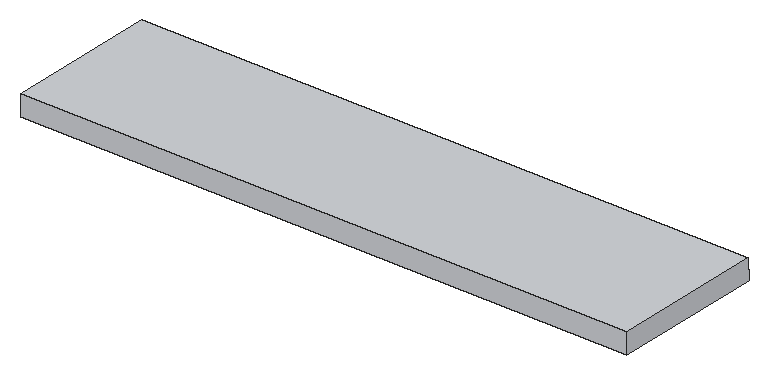
Revit family "1271_ TUPEX ELECTRIC_AREL", category Lighting Fixtures, host Face, Revit 2016
Family settings
  Host = Face
  Part Type = Normal
  Round Connector Dimension = Use Diameter
  Cut with Voids When Loaded = No
  Light Source = Yes
  Shared = No
  Room Calculation Point = Yes
Parameters
  width = 1200 mm
  volt = 220 V
  length = 150 mm
  depth = 20 mm
  Wattage = 39 W
  built-in parameter 1150110 = 1 (stored number, unit not read)
  built-in parameter 1114217 = 1 (stored number, unit not read)
  Tilt Angle = 60.00°
  built-in parameter 1150109 = 1 (stored number, unit not read)
  built-in parameter 1150134 = 3
  built-in parameter 1150113 = 1 (stored number, unit not read)
  Photometric Web File = "1271.IES"
  built-in parameter 1150105 = 341.39 (stored number, unit not read)
  Lumens = 4290 lm
  built-in parameter 1150115 = 1 (stored number, unit not read)
  built-in parameter 1150137 = (empty or 0)
  built-in parameter 1150139 = (empty or 0)
  built-in parameter 1150112 = 1 (stored number, unit not read)
  built-in parameter 1150114 = 1 (stored number, unit not read)
  built-in parameter 1150132 = (empty or 0)
  built-in parameter 1150102 = (empty or 0)
  built-in parameter 1150107 = 3200 (stored number, unit not read)
  built-in parameter 1150138 = (empty or 0)
  built-in parameter 1150106 = 3.4139 (stored number, unit not read)
  built-in parameter 1150104 = 10.219 (stored number, unit not read)
  Dimming Lamp Color Temperature Shift = (empty or 0)
  Default Elevation = 1219.2 mm
  Color Filter = 16777215
  built-in parameter 1114218 = 1 (stored number, unit not read)
  built-in parameter 1150133 = 10 (stored number, unit not read)
Reference planes
  plane 1 "Center (Front/Back)": y = 0
  plane 2: z = 0
  plane 3 "Center (Left/Right)": x = 0
  plane 4: x = 1200
  plane 5: y = -150
  plane 6: z = 20
  plane 7: z = -20
  plane 8: y = -300
  plane 9: x = 300
  plane 10: x = 600
Forms (mm)
  Extrusion 1, solid
    sketch origin (0, 0, 0) x (1, 0, 0) y (0, 0, 1)
      loop
        line (1200, 20) -> (0, 20) -> (0, -20) -> (1200, -20) -> (1200, 20)
    from 0 to 300
Dimensions and locks
  "width": plane 3 "Center (Left/Right)" to plane 4
  "length": plane 5 to plane 1 "Center (Front/Back)"
  "depth": level to plane 6
  plane 7 to level = 20 mm
  Extrusion 1 to Extrusion 1 = 300 mm
  aligned and locked: host face to plane 2
  aligned and locked: host face to level
Automatic sketch dimensions
  host sketch curve to host sketch curve = 4076.048 mm
  host sketch curve to host sketch curve = 2438.4 mm
  Extrusion 1 sketch curve to plane 6 = 0 mm
  Extrusion 1 sketch curve to plane 7 = 0 mm
  Extrusion 1 sketch curve to plane 3 "Center (Left/Right)" = 0 mm
  Extrusion 1 sketch curve to plane 4 = 0 mm
Connectors
  electrical at (600, 0, 0)
    settings: on Extrusion 1, index 1, voltage 0 V, apparent load 0 VA, apparent load phase1 0 VA, apparent load phase2 0 VA, apparent load phase3 0 VA, power factor 1, load classification "Other", number of poles 1, system type 31, power factor state 1, is connector primary yes, connector utility no, sub classification motor no, connector description ""
  electrical at (600, -150, 20), driven by "volt"
    settings: on Extrusion 1, index 2, voltage 220 V, apparent load 0 VA, apparent load phase1 42 VA, apparent load phase2 0 VA, apparent load phase3 0 VA, power factor 1, load classification "Other", number of poles 1, system type 31, power factor state 1, is connector primary no, connector utility no, sub classification motor no, connector description ""
